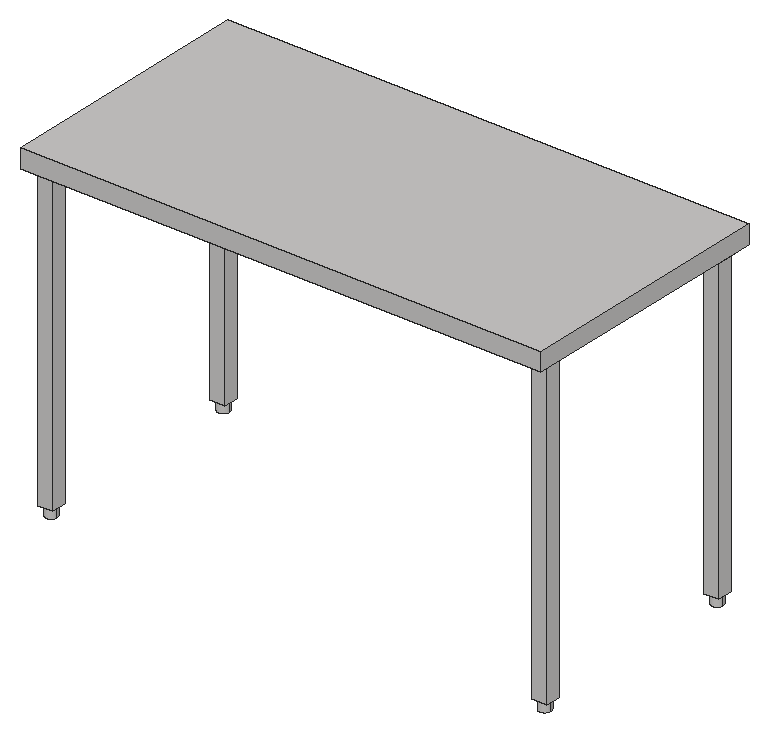
Revit family "QF_ELECTROLUXPROFESSIONAL_132841_WTD1407N", category Attrezzature speciali, Revit 2020
Family settings
  Quota connettore circolare = Usa diametro
  Tipo di parte = Normale
  Basato su piano di lavoro = No
  Sempre verticale = Sì
  Taglio con vuoti quando caricato = No
  Condiviso = No
  Punto di calcolo locali = No
Parameters (values of type "Standard")
  Weight = 47.00 kg
  Watts = 0 W
  Volts = 0 V
  URL Manufacturer = "https://www.electroluxprofessional.com/"
  URL = "https://www.electroluxprofessional.com/"
  Steam Supply Size = 0 mm
  Steam Supply Minimum Pressure = 0.0 Pa
  Steam Supply Maximum Pressure = 0.0 Pa
  Steam Consumption per Hour = 0
  Refrigeration Suction Line Size = 0.0 mm
  Refrigeration Liquid Line Size = 0.0 mm
  Refrigerant Compressor Remote = yes
  Prospetto di default = 0.0 mm
  Produttore = "Electrolux Professional"
  Phase = 0
  Modello = "WTD1407N"
  Length Actual = 1400.0 mm  # constant formula
  Item Number = "132841"
  Hot Water Size = 0 mm
  Height Actual = 900.0 mm  # constant formula
  HP = "0 HP"
  Gas Size = 0 mm
  Gas KW = 0
  Gas Input Pressure = 0 W
  Direct Waste Size = 0 mm
  Descrizione = "WORK TABLE-DISASSEMBLED 1400MM"
  Depth Actual = 700.0 mm  # constant formula
  Cycle = 0 Hz
  Condensate Return Size = 0 mm
  Compressed Air Volume = 0.0 L/s
  Compressed Air Size = 0 mm
  Compressed Air Pressure = 0.0 Pa
  Cold Water Size = 0 mm
  Accessory = yes
Reference planes
  plane 1 "Center (Front/Back)": y = 0
  plane 2: z = 0
  plane 3 "Center (Left/Right)": x = -200
  plane 4 "LEFT": x = -900
  plane 5 "RIGHT": x = 500
  plane 6 "BACK": y = 350
  plane 7 "FRONT": y = -350
  plane 8 "Base": z = 850
  plane 9 "TOP": z = 900
  plane 10: x = -864.5
  plane 11: x = 464.5
  plane 12: y = 290
  plane 13: y = -290
Forms (mm)
  Extrusion 1, solid, material "QF_Finishes_Stainless Steel"
    sketch origin (-200, 0, 0) x (0, 1, 0) y (0, 0, 1)
      loop
        line (-350, 850) -> (350, 850) -> (350, 900) -> (-350, 900) -> (-350, 850)
    from 700 to -700
Lines and regions (mm)
  symbolic lines
    curve 1: line (500, 350, 900) -> (-900, 350, 900)
    curve 2: line (-900, 350, 900) -> (-900, -350, 900)
    curve 3: line (-900, -350, 900) -> (500, -350, 900)
    curve 4: line (500, -350, 900) -> (500, 350, 900)
Dimensions and locks
  plane 4 "LEFT" to plane 5 "RIGHT" = 1400.0 mm
  equal spacing: plane 4 "LEFT", plane 3 "Center (Left/Right)", plane 5 "RIGHT"
  locked: plane 8 "Base" to level at 850
  plane 4 "LEFT" to plane 10 = 35.5 mm
  plane 11 to plane 5 "RIGHT" = 35.5 mm
  plane 10 to plane 11 = 1329.0 mm
  locked: plane 9 "TOP" to level at 900
  plane 6 "BACK" to plane 12 = 60.0 mm
  plane 13 to plane 7 "FRONT" = 60.0 mm
  plane 6 "BACK" to plane 7 "FRONT" = 700.0 mm
  plane 12 to plane 13 = 580.0 mm
  equal spacing: plane 6 "BACK", plane 1 "Center (Front/Back)", plane 7 "FRONT"
  aligned and locked: level to plane 2
  aligned and locked: plane 10 to nested 1
  aligned and locked: nested 1 to plane 13
  aligned and locked: plane 11 to nested 2
  aligned and locked: nested 2 to plane 13
  aligned and locked: plane 11 to nested 4
  aligned and locked: nested 4 to plane 12
  aligned and locked: plane 10 to nested 3
  aligned and locked: nested 3 to plane 12
  aligned and locked: Extrusion 1 to plane 4 "LEFT"
  aligned and locked: plane 5 "RIGHT" to Extrusion 1
  aligned and locked: curve 2 to plane 4 "LEFT"
Automatic sketch dimensions
  Extrusion 1 sketch curve to plane 7 "FRONT" = 0.0 mm
  Extrusion 1 sketch curve to plane 8 "Base" = 0.0 mm
  curve 3 to plane 7 "FRONT" = 0.0 mm
  curve 4 to plane 6 "BACK" = 0.0 mm
  Extrusion 1 sketch curve to plane 9 "TOP" = 0.0 mm
  Extrusion 1 sketch curve to plane 6 "BACK" = 0.0 mm
  curve 4 to plane 5 "RIGHT" = 0.0 mm
Nested families
  nested 1: "FEET_40x40" at (-864.5, -290, 0), type "FEET_40x40"
  nested 2: "FEET_40x40" at (464.5, -290, 0), type "FEET_40x40"
  nested 3: "FEET_40x40" at (-864.5, 290, 0), type "FEET_40x40"
  nested 4: "FEET_40x40" at (464.5, 290, 0), type "FEET_40x40"
Definition of nested family "FEET_40x40"
  Parameters
    Default Elevation = 0.0 mm
    FEET = 850.0 mm
  Reference planes
    plane 1 "Center (Front/Back)": y = 0
    plane 2: z = 0
    plane 3 "Center (Left/Right)": x = 0
    plane 4: z = 850
  Forms (mm)
    Extrusion 1, solid
      sketch origin (0, 0, 0) x (1, 0, 0) y (0, 1, 0)
        loop
          line (-20, -20) -> (20, -20) -> (20, 20) -> (-20, 20) -> (-20, -20)
      from 25 to 845
    Extrusion 2, solid
      sketch origin (0, 0, 0) x (1, 0, 0) y (0, 1, 0)
        loop
          circle (0, 0) r 16
      from 0 to 25
    Extrusion 3, solid
      sketch origin (0, 0, 0) x (1, 0, 0) y (0, 1, 0)
        loop
          line (30, 30) -> (-30, 30) -> (-30, -30) -> (30, -30) -> (30, 30)
      from 845 to 850
  Lines and regions (mm)
    symbolic lines
      curve 1: line (0, -1.503, 0) -> (0, 1.508, 0)
      curve 2: line (1.561, 0, 0) -> (-1.439, 0, 0)
  Dimensions and locks
    "FEET": plane 4 to plane 2
    aligned and locked: level to plane 2
  Automatic sketch dimensions
    Extrusion 1 sketch curve to plane 3 "Center (Left/Right)" = 20.0 mm
    plane 3 "Center (Left/Right)" to Extrusion 1 sketch curve = 20.0 mm
    plane 1 "Center (Front/Back)" to Extrusion 1 sketch curve = 20.0 mm
    Extrusion 1 sketch curve to plane 1 "Center (Front/Back)" = 20.0 mm
    plane 1 "Center (Front/Back)" to Extrusion 2 sketch curve = 0.0 mm
    Extrusion 2 sketch curve to plane 3 "Center (Left/Right)" = 0.0 mm
    plane 3 "Center (Left/Right)" to Extrusion 3 sketch curve = 30.0 mm
    Extrusion 3 sketch curve to plane 1 "Center (Front/Back)" = 30.0 mm
    Extrusion 3 sketch curve to plane 3 "Center (Left/Right)" = 30.0 mm
    plane 1 "Center (Front/Back)" to Extrusion 3 sketch curve = 30.0 mm
    plane 1 "Center (Front/Back)" to curve 2 = 0.0 mm
    curve 1 to plane 3 "Center (Left/Right)" = 0.0 mm
    curve 2 to plane 3 "Center (Left/Right)" = 1.439 mm
    plane 3 "Center (Left/Right)" to curve 2 = 1.561 mm
    plane 1 "Center (Front/Back)" to curve 1 = 1.503 mm
    curve 1 to plane 1 "Center (Front/Back)" = 1.508 mm
    radius of Extrusion 2 sketch curve = 16.0 mm
